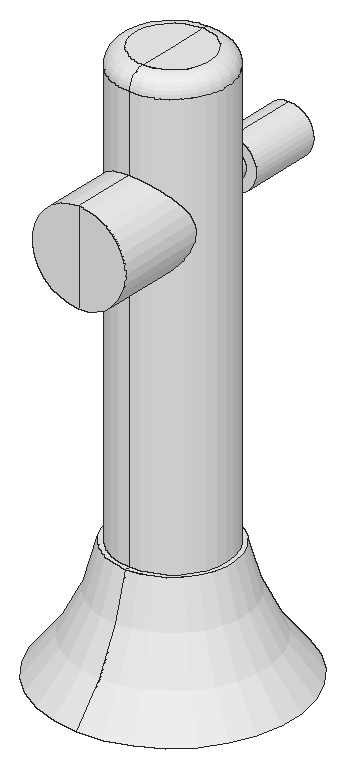
Revit family "Tub_Spout-American_Standard-Berwick-8888.743.002", category Plumbing Fixtures, host Face, Revit 2015
Parameters (values of type "T430.500")
  Width = 7 1/4"
  Waste Connection = no
  Warranty Information = "Limited Lifetime Function and Finish Warranty."
  WFU = 4
  Vent Connection = no
  Valve = yes
  URL = "http://www.americanstandard-us.com/"
  Type Comments = ""
  Shower = no
  Revised Date = "11/18/2016"  # constant formula
  Product Page URL = "https://www.americanstandard-us.com/bathroom/shower-faucets/berwick-bath-shower-faucet-trim-kit-20119"
  Product Documentation Link = "https://www.americanstandard-us.com/-/media/sites/asus/files/product-specs/bulk/specsheett430502.pdf?la=en"
  Price = "Prices may vary. Please consult Manufacturer Representative for most up-to-date price list."  # constant formula
  NPT Connection Size = 1/2"
  NPT Connection Radius = NPT Connection Size / 2  # 1/4"
  Model = "T430.500"
  Material = "Brass-American Standard-002-Polished Chrome"
  Manufacturer = "American Standard"
  Length = 12"
  Hot Water Connection Radius = 1/4"
  Hot Water Connection Height = 39"
  Hot Water Connection Diameter = Hot Water Connection Radius * 2  # 1/2"
  Height = 74"
  HWFU = 3
  HW Connection = yes
  Finish = Brass-American Standard-002-Polished Chrome
  Description = "Berwick Pressure Balance Bath/Shower Fitting. Shower Only. Valve Only."
  Default Elevation = 0"
  Creation Date = "10/24/14"  # constant formula
  Cold Water Connection Radius = 1/4"
  Cold Water Connection Height = Hot Water Connection Height  # 39"
  Cold Water Connection Diameter = Cold Water Connection Radius * 2  # 1/2"
  CWFU = 2
  CW Connection = yes
  Bath = no
  Assembly Code = "D2020300"
  ADA Compliant = yes
Types (4): name | Shower | Model | Description | Bath
  (no name) | no | "T430.500" | "Berwick Pressure Balance Bath/Shower Fitting. Shower Only. Valve Only." | no
  T430.502 | yes | "T430.502" | "Berwick Pressure Balance Bath/Shower Fitting. Bath and Shower Trim kit." | yes
  T430.501 | yes | "T430.501" | "Berwick Pressure Balance Bath/Shower Fitting. Shower Only." | no
  T430.500 | no | "T430.500" | "Berwick Pressure Balance Bath/Shower Fitting. Shower Only. Valve Only." | no
Reference planes (in)
  plane 1 "Center (Front/Back)": y = -43
  plane 2: z = 0
  plane 3 "Center (Left/Right)": x = 0
  plane 4: x = 4
  plane 5: x = -4
  plane 6: z = -1.04254
Forms (in)
  Revolve 1, solid, material "Brass-American Standard-002-Polished Chrome" <- "Finish"
    sketch origin (0, -53.494, -2.54254) x (0, 0, -1) y (0, 1, 0)
      loop
        line (-9.00134, 10.494) -> (-2.54254, 10.494) -> (-2.54254, 11.86888)
        arc (-2.54254, 11.86888) -> (-3.17638, 11.42077) -> (-3.91148, 11.17137) r 2.70189
        line (-3.91148, 11.17137) -> (-3.91148, 11.119) -> (-8.80644, 11.119)
        arc (-8.80644, 11.119) -> (-8.94425, 11.06191) -> (-9.00134, 10.9241) r 0.1949
        line (-9.00134, 10.9241) -> (-9.00134, 10.494)
      axis (-9.00134, 10.494) -> (-2.54254, 10.494)
    angle from 0 to 360
  Revolve 2, solid, material "Brass-American Standard-002-Polished Chrome" <- "Finish"
    sketch origin (0, -53.494, -2.54254) x (0, 0, -1) y (0, 1, 0)
      loop
        line (-7.41754, 12.16705) -> (-7.41754, 9.1479) -> (-6.88629, 9.1479) -> (-6.88629, 10.16557) -> (-7.26129, 10.16557) -> (-7.26129, 11.3541) -> (-7.13629, 11.3541) -> (-7.13629, 12.16705) -> (-7.41754, 12.16705)
      axis (-7.41754, 12.16705) -> (-7.41754, 9.1479)
    angle from 0 to 360
  Extrusion 3, solid, material "Brass-American Standard-002-Polished Chrome" <- "Finish"
    sketch origin (0, -21, 0) x (1, 0, 0) y (0, 1, 0)
      loop
        circle (0, -22) r 0.25
    from 0 to 0.09092
Dimensions and locks (in)
  aligned and locked: plane 2 to host face
  aligned and locked: level to host face
Connectors (in)
  piping at (0, -43, 0), diameter 0.5, driven by "NPT Connection Radius"
    settings: on Extrusion 3, index 11, connector inside diameter 24", connector length 0", flow factor 0, pipe flow 0 GPM, pressure drop 0.00 psi, fitting loss kfactor 0, connector angle 0.00°, fixture units 0, engagement length 0", angle of deflection 0.00°, flow configuration 0, flow direction 2, fitting loss method 0, system type 29, joint type 0, gender type 0, connector reference index -1, connector utility 0, adjustable connector no, is connector primary yes, connector description ""
